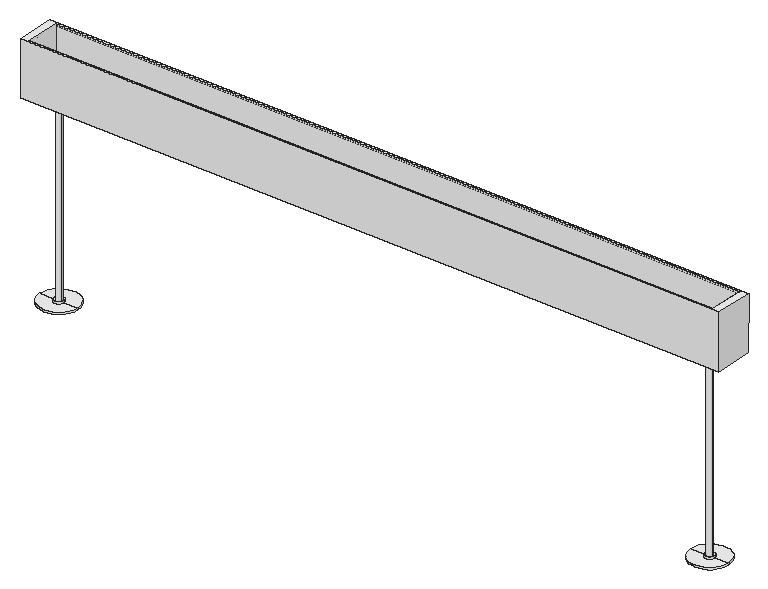
Revit family "Pursuit-P-D", category Lighting Fixtures, host Face, Revit 2014
Parameters (values of type "RN-P-D-04")
  zz Length 2 [instance] = if(Pendant Height < 16.30", 16.30", if(Pendant Height > 40.50", 40.50", Pendant Height)) - 3.65"  # 12.65"
  Wattage = 52 W
  Warranty = "5-Years Warranty"  # constant formula
  built-in parameter 1150110 = 1 (stored number, unit not read)
  Voltage = 120 V
  Type Comments = "Lighting Fixture"  # constant formula
  built-in parameter 1114217 = 1 (stored number, unit not read)
  Tilt Angle = -90.00°
  built-in parameter 1150109 = 1 (stored number, unit not read)
  built-in parameter 1150134 = (empty or 0)
  built-in parameter 1150113 = 1 (stored number, unit not read)
  Product Page URL = "https://www.hubbell.com/architecturalarealighting/en/Products/Lighting-Controls/Commercial-Outdoor-Lighting/Wall-Mount/Pursuit-Direct-Down/p/2827611"
  Product Documentation Link = "https://hubbellcdn.com/specsheet/aal_rnd_spec.pdf"
  Power Factor = 1
  Photometric Web File = "RN-D-2-15-5K8-SM-DL.ies"
  Photometric Notes = "More IES files download on Photometric Link"  # constant formula
  Photometric Link = "https://www.hubbell.com/architecturalarealighting/en/Products/Lighting-Controls/Commercial-Outdoor-Lighting/Wall-Mount/Pursuit-Direct-Down/p/2827611"
  Pendant Height [instance] = 16.30"
  zz Length 1 = 48.00"
  Wattage Comments = ""
  URL = "https://www.hubbell.com/architecturalarealighting/en/"
  Mounting = "Pendant"  # constant formula
  Model = "Pursuit - Pendant Direct"  # constant formula
  Manufacturer = "Architectural Area Lighting"  # constant formula
  built-in parameter 1150105 = 393.11 (stored number, unit not read)
  Lumens = 4940 lm
  built-in parameter 1150115 = 1 (stored number, unit not read)
  Load Classification = Lighting
  built-in parameter 1150137 = (empty or 0)
  built-in parameter 1150139 = (empty or 0)
  built-in parameter 1150112 = 1 (stored number, unit not read)
  built-in parameter 1150114 = 1 (stored number, unit not read)
  Lamp = "LED"  # constant formula
  built-in parameter 1150132 = (empty or 0)
  built-in parameter 1150102 = (empty or 0)
  built-in parameter 1150107 = 3500 (stored number, unit not read)
  built-in parameter 1150138 = (empty or 0)
  built-in parameter 1150106 = 3.9311 (stored number, unit not read)
  Glass = Glass - Hubbell - White
  Fixture Distribution = "Direct-Symmetric"  # constant formula
  Emit from Rectangle Width = zz Length 1 - 1.00"  # 47.00"
  Emit from Rectangle Length = 2.00"  # constant formula
  Emit Shape Visible in Rendering = no
  built-in parameter 1150104 = 8.8258 (stored number, unit not read)
  Dimming Lamp Color Temperature Shift = <None>
  Description = "Linear Unlimted Low profile linear form factor seamlessly blends with the architecture - day or night. Individual housing lengths can be connected with external lens for seamless and continuous runs up to 150' to meet a variety of applications"  # constant formula
  Default Elevation = 48.00"
  Create Date = "07/17/2018"  # constant formula
  Copyright = "Copyright © 2018 AAL"  # constant formula
  Contact Us = "https://www.hubbell.com/architecturalarealighting/en/contactUs"
  Color Filter = 16777215
  built-in parameter 1114218 = 1 (stored number, unit not read)
  Housing Material = Paint - Hubbell - White
  built-in parameter 1150133 = 10 (stored number, unit not read)
  Assembly Code = "D5020200"
  Apparent Load = 0 VA
Types (6): name | Wattage | Photometric Web File | zz Length 1 | built-in parameter 1150105 | Lumens | built-in parameter 1150106 | Emit from Rectangle Width | built-in parameter 1150104
  (no name) | 52 W | "RN-D-2-15-5K8-SM-DL.ies" | 48.00" | 393.11 (stored number, unit not read) | 4940 lm | 3.9311 (stored number, unit not read) | 47.00" | 8.8258 (stored number, unit not read)
  RN-P-D-02 | 41 W | "RN-D-2-15-5K8-SM-DL.ies" | 24.00" | 241.44 (stored number, unit not read) | 3034 lm | 2.4144 (stored number, unit not read) | 23.00" | 6.8748 (stored number, unit not read)
  RN-P-D-03 | 38 W | "RN-D-3-10-3K8-AS-CL.ies" | 36.00" | 223.77 (stored number, unit not read) | 2812 lm | 2.2377 (stored number, unit not read) | 35.00" | 6.8748 (stored number, unit not read)
  RN-P-D-04 | 52 W | "RN-D-2-15-5K8-SM-DL.ies" | 48.00" | 393.11 (stored number, unit not read) | 4940 lm | 3.9311 (stored number, unit not read) | 47.00" | 8.8258 (stored number, unit not read)
  RN-P-D-06 | 41 W | "RN-D-3-10-3K8-AS-CL.ies" | 72.00" | 241.44 (stored number, unit not read) | 3034 lm | 2.4144 (stored number, unit not read) | 71.00" | 6.8748 (stored number, unit not read)
  RN-P-D-08 | 41 W | "RN-D-2-15-5K8-SM-DL.ies" | 96.00" | 241.44 (stored number, unit not read) | 3034 lm | 2.4144 (stored number, unit not read) | 95.00" | 6.8748 (stored number, unit not read)
Reference planes (in)
  plane 1 "Center (Front/Back)": y = 13.01342
  plane 2: z = 0
  plane 3 "Center (Left/Right)": x = 0
  plane 4: x = -24
  plane 5: x = 24
  plane 6: x = -22.37
  plane 7: x = 22.37
  plane 8: z = 0.25
  plane 9: z = 15.15
  plane 10: z = 12.65
  plane 11: z = 16.3
Forms (in)
  Revolve 1, solid, material "Paint - Hubbell - White" <- "Housing Material"
    sketch origin (5.75, 13.01342, 0) x (1, 0, 0) y (0, 0, 1)
      loop
        line (-28.12, 12.4) -> (-28.12, 0) -> (-27.76844, 0) -> (-27.76844, 0.04879) -> (-26.82681, 0.04879) -> (-26.82681, 0.16609) -> (-27.79969, 0.16609) -> (-27.79969, 0.25) -> (-27.9325, 0.25) -> (-27.9325, 12.3375) -> (-27.79969, 12.3375) -> (-27.79969, 12.4) -> (-28.12, 12.4)
      axis (-28.12, 12.4) -> (-28.12, 0)
    angle from 0 to 360
  Revolve 2, solid, material "Paint - Hubbell - White" <- "Housing Material"
    sketch origin (-5.75, 13.01342, 0) x (-1, 0, 0) y (0, 0, -1)
      loop
        line (-28.12, -12.4) -> (-27.79969, -12.4) -> (-27.79969, -12.3375) -> (-27.9325, -12.3375) -> (-27.9325, -0.25) -> (-27.79969, -0.25) -> (-27.79969, -0.16609) -> (-26.82681, -0.16609) -> (-26.82681, -0.04879) -> (-27.76844, -0.04879) -> (-27.76844, 0) -> (-28.12, 0) -> (-28.12, -12.4)
      axis (-28.12, -12.4) -> (-28.12, 0)
    angle from 0 to 360
Dimensions and locks (in)
  equal spacing: plane 5, plane 3 "Center (Left/Right)", plane 4
  "zz Length 1": plane 5 to plane 4
  locked: plane 8 to plane 2 at 0.25
  locked: plane 6 to plane 4 at 1.63
  locked: plane 5 to plane 7 at 1.63
  "zz Length 2": plane 10 to plane 2
  locked: plane 11 to plane 10 at 3.65
  locked: plane 9 to plane 10 at 2.5
  aligned and locked: plane 2 to host face
  aligned and locked: level to host face
  aligned and locked: plane 3 "Center (Left/Right)" to nested 1
  aligned and locked: plane 1 "Center (Front/Back)" to nested 1
  aligned and locked: Revolve 1 sketch curve to Revolve 1 sketch curve
  aligned and locked: plane 8 to Revolve 1
  aligned and locked: plane 9 to imposter light
  aligned and locked: plane 3 "Center (Left/Right)" to imposter light
  aligned and locked: Revolve 2 sketch curve to Revolve 2 sketch curve
Automatic sketch dimensions
  host sketch curve to host sketch curve = 96.00"  (x2)
  Revolve 1 sketch curve to plane 6 = 0.00"
  Revolve 1 sketch curve to plane 8 = 0.00"
  Revolve 1 sketch curve to level = 0.00"
  plane 6 to Revolve 1 sketch curve = 0.1875"
  Revolve 1 sketch curve to Revolve 1 sketch curve = 0.13281"  (x2)
  Revolve 1 sketch curve to Revolve 1 sketch curve = 0.03125"
  Revolve 1 sketch curve to plane 8 = 0.08391"
  Revolve 1 sketch curve to Revolve 1 sketch curve = 0.94163"
  level to Revolve 1 sketch curve = 0.04879"
  plane 8 to Revolve 1 sketch curve = 0.66777"
  Revolve 1 sketch curve to Revolve 1 sketch curve = 5.48274"
  Revolve 2 sketch curve to plane 7 = 0.00"
  Revolve 2 sketch curve to plane 8 = 0.00"
  Revolve 2 sketch curve to level = 0.00"
  Revolve 2 sketch curve to plane 7 = 0.1875"
  Revolve 2 sketch curve to Revolve 2 sketch curve = 0.13281"  (x2)
  Revolve 2 sketch curve to Revolve 2 sketch curve = 0.03125"
  Revolve 2 sketch curve to plane 8 = 0.08391"
  Revolve 2 sketch curve to Revolve 2 sketch curve = 0.94163"
  level to Revolve 2 sketch curve = 0.04879"
  Revolve 2 sketch curve to Revolve 2 sketch curve = 5.48274"
  plane 8 to Revolve 2 sketch curve = 0.66777"
  Revolve 1 sketch curve to plane 9 = 2.8125"
  Revolve 1 sketch curve to Revolve 1 sketch curve = 0.0625"
  Revolve 2 sketch curve to plane 9 = 2.8125"
  Revolve 2 sketch curve to Revolve 2 sketch curve = 0.0625"
Nested families (in)
  nested 1: "Pendent Direct" at (-0.01104, 12.97343, 12.65), Glass <- "Glass", Backbox <- "Housing Material", Length <- "zz Length 1", type "Pendent Direct"
    with Length 48.00", Glass Glass - Hubbell - White, Backbox Paint - Hubbell - White
Connectors (in)
  electrical at (0, 13.01342, 12.65), driven by "Load Classification", driven by "Voltage", driven by "Apparent Load", driven by "Power Factor"
    settings: on nested 1, index 1, voltage 120 V, apparent load 0 VA, apparent load phase1 0 VA, apparent load phase2 0 VA, apparent load phase3 0 VA, power factor 1, load classification "Lighting", number of poles 1, system type 30, power factor state 1, is connector primary yes, connector utility no, sub classification motor no, connector description "Electrical Connector"
Definition of nested family "Pendent Direct"
  Parameters (values of type "08")
    Wattage Comments = ""
    URL = ""
    Model = ""
    Manufacturer = ""
    Length [instance] = 96.00"
    Lamp = ""
    Glass [instance] = none
    Description = ""
    Default Elevation = 48.00"
    Backbox [instance] = none
  Types (6): name | Length
    (no name) | 96.00"
    02 | 24.00"
    04 | 48.00"
    03 | 36.00"
    06 | 72.00"
    08 | 96.00"
  Reference planes (in)
    plane 1 "Center (Front/Back)": y = 0.03999
    plane 2: z = 0
    plane 3 "Center (Left/Right)": x = 0.01104
    plane 4: z = 3.65
    plane 5: z = 1
    plane 6: x = -47.98896
    plane 7: x = 48.01104
    plane 8: x = -47.48896
    plane 9: x = 47.51104
    plane 10: y = 1.22499
    plane 11: y = -1.14501
    plane 12: y = -1.23501
    plane 13: y = 1.31499
    plane 14: z = 0.5625
    plane 15: z = 3.525
  Forms (in)
    Extrusion 1, solid
      sketch origin (0, 0, 0.06357) x (1, 0, 0) y (0, 1, 0)
        loop
          line (-48, 48) -> (-48, -48) -> (48, -48) -> (48, 48) -> (-48, 48)
      from -0.06357 to -12.81105
    Extrusion 2, void
      sketch origin (-23.78896, 8.13374, 2) x (0, -1, 0) y (1, 0, 0)
        loop
          line (6.90875, -23.7) -> (9.27875, -23.7) -> (9.27875, 71.3) -> (6.90875, 71.3) -> (6.90875, -23.7)
      from 1.65 to -1
    Extrusion 3, solid, material <- "Backbox"
      sketch origin (0.01104, 0, 0) x (0, 1, 0) y (0, 0, 1)
        loop
          line (1.31499, 3.65) -> (-1.23501, 3.65) -> (-1.23501, 0) -> (1.31499, 0) -> (1.31499, 3.65)
      from -48 to 48
    Extrusion 4, solid, material <- "Glass"
      sketch origin (0, 0, 4.3125) x (0, -1, 0) y (1, 0, 0)
        loop
          line (-1.22499, -47.48896) -> (1.14501, -47.48896) -> (1.14501, 47.51104) -> (-1.22499, 47.51104) -> (-1.22499, -47.48896)
      from -0.7875 to -0.6625
  Cuts and joins
    Extrusion 2 cuts Extrusion 3
  Dimensions and locks (in)
    "Length": plane 7 to plane 6
    locked: plane 8 to plane 6 at 0.5
    locked: plane 7 to plane 9 at 0.5
    equal spacing: plane 7, plane 3 "Center (Left/Right)", plane 6
    plane 4 to plane 2 = 3.65"
    plane 14 to plane 2 = 0.5625"
    locked: plane 5 to plane 2 at 1
    locked: plane 4 to plane 15 at 0.125
    equal spacing: plane 10, plane 1 "Center (Front/Back)", plane 11
    locked: plane 13 to plane 10 at 0.09
    locked: plane 11 to plane 12 at 0.09
    locked: plane 13 to plane 12 at 2.55
    aligned and locked: plane 2 to Extrusion 1
    aligned and locked: plane 10 to Extrusion 2 sketch curve
    aligned and locked: plane 11 to Extrusion 2 sketch curve
    aligned and locked: plane 4 to Extrusion 3 sketch curve
    aligned and locked: plane 13 to Extrusion 3 sketch curve
    aligned and locked: Extrusion 3 sketch curve to level
    aligned and locked: plane 12 to Extrusion 3 sketch curve
    aligned and locked: Extrusion 3 to plane 6
    aligned and locked: plane 7 to Extrusion 3
    aligned and locked: plane 9 to Extrusion 2
    aligned and locked: Extrusion 2 to plane 8
    aligned and locked: plane 4 to Extrusion 4
    aligned and locked: plane 4 to Extrusion 2
    aligned and locked: Extrusion 2 to plane 5
    aligned and locked: Extrusion 4 to plane 15
  Automatic sketch dimensions
    Extrusion 1 sketch curve to Extrusion 1 sketch curve = 96.00"  (x2)
    Extrusion 2 sketch curve to plane 8 = 0.00"
    Extrusion 2 sketch curve to plane 9 = 0.00"
    Extrusion 4 sketch curve to plane 9 = 0.00"
    plane 10 to Extrusion 4 sketch curve = 0.00"
    Extrusion 4 sketch curve to plane 8 = 0.00"
    Extrusion 4 sketch curve to plane 11 = 0.00"
